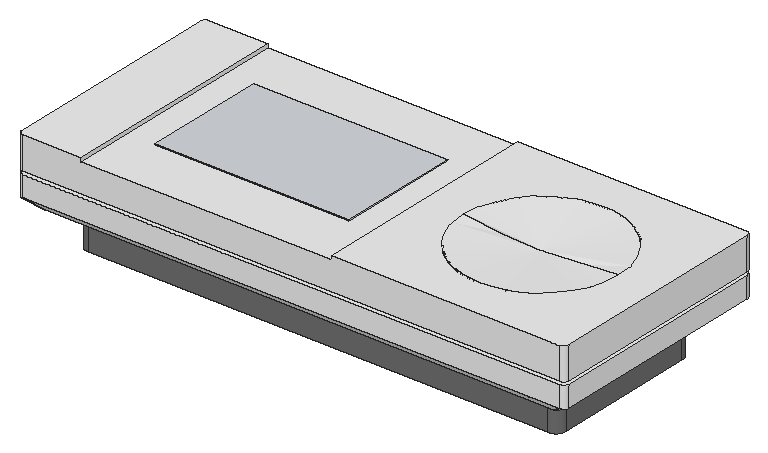
Revit family "TPOne-M_B_FR_RFA", category Data Devices, host Face, Revit 2017
Family settings
  Host = Face
  Maintain Annotation Orientation = Yes
  Round Connector Dimension = Use Diameter
  Part Type = Normal
  Cut with Voids When Loaded = No
  Shared = No
  Room Calculation Point = No
Parameters (values of type "TPOne-B_087N7851")
  W_2 = 77.5 mm
  W2_2 = 68 mm
  W1_2 = 73.5 mm
  URL = "https://assets.danfoss.com/documents/DOC195786403204/DOC195786403204.pdf"
  Switch Rating Channel 1 = "3A at 230Vac"
  Setting Temperature Range = "5-35 C"  # constant formula
  RX1-S = no
  Power Supply RT = "2.5-3VDC (2x AA Alkaline Batteries)"
  Output Channel 2 = "-"
  Output Channel 1 = "Volt free, SPDT type 1B"
  Operating Temperature Range = "0-45 C"  # constant formula
  Operating Frequency = "-"
  Model Type = "Programmable Thermostat"
  Model = "087N7851"
  Maximum Range = "-"
  Manufacturer = "Danfoss"  # constant formula
  IfcExportType = "Controller"  # constant formula
  IfcExportAs = "IfcElectricApplianceType"  # constant formula
  IP Rating = "IP20"  # constant formula
  H_2 = 33 mm
  H2_2 = 23.5 mm
  H1_2 = 30 mm
  Description = "TPOne-B"
  Default Elevation = 1219.2 mm
  Da = 1 mm
  D2 = 11 mm
  D1b = 3 mm
  D1a = 6 mm
  D-All = D - Da - D1a - D1b - D2  # 9 mm
  D = 30 mm
Types (4, lengths in mm): name | Switch Rating Channel 1 | RX1-S | Power Supply RT | Output Channel 2 | Output Channel 1 | Operating Frequency | Model Type | Model | Maximum Range | Description
  (no name) | "3A at 230Vac" | no | "2.5-3VDC (2x AA Alkaline Batteries)" | "-" | "Volt free, SPDT type 1B" | "-" | "Programmable Thermostat" | "087N7851" | "-" | "TPOne-B"
  TPOne-B_087N7851 | "3A at 230Vac" | no | "2.5-3VDC (2x AA Alkaline Batteries)" | "-" | "Volt free, SPDT type 1B" | "-" | "Programmable Thermostat" | "087N7851" | "-" | "TPOne-B"
  TPOne-M_087N7852 | "3A at 230Vac" | no | "230 Vac, 50/60Hz" | "3A at 230Vac" | "Volt free, SPDT type 1B" | "-" | "Programmable Thermostat" | "087N7852" | "-" | "TPOne-M"
  TPOne-RF + RX1-S_087N7854 | "3A at 230Vac (RX1-S)" | yes | "2.5-3VDC (2x AA Alkaline Batteries)" | "-" | "Volt free, SPDT type 1B (RX1-S)" | "43.92 Mhz" | "RF Programmable Thermostat" | "087N7854" | "30 m" | "TPOne-RF + RX1-S"
Reference planes
  plane 1 "Center (Front/Back)": y = 0
  plane 2: z = 0
  plane 3 "Center (Left/Right)": x = 0
  plane 4: y = 23.5
  plane 5: y = -23.5
  plane 6: x = -73.5
  plane 7: x = 73.5
  plane 8 "1": z = 11
  plane 9 "2": z = 14
  plane 10 "3": z = 20
  plane 11 "4": z = 21
  plane 12 "5": z = 30
  plane 13: y = 30
  plane 14: y = -30
  plane 15: y = 33
  plane 16: y = -33
  plane 17: x = -68
  plane 18: x = 68
  plane 19: x = 77.5
  plane 20: x = -77.5
  plane 21: x = 11.5
  plane 22: x = -59.5
  plane 23: x = 44.5
Forms (mm)
  Extrusion 1, solid, material "Plastic - Danfoss - Dark Gray"
    sketch origin (0, 0, 0) x (1, 0, 0) y (0, 1, 0)
      loop
        arc (-65, 23.5) -> (-67.121, 22.621) -> (-68, 20.5) r 3
        line (-68, 20.5) -> (-68, -20.5)
        arc (-68, -20.5) -> (-67.121, -22.621) -> (-65, -23.5) r 3
        line (-65, -23.5) -> (65, -23.5)
        arc (65, -23.5) -> (67.121, -22.621) -> (68, -20.5) r 3
        line (68, -20.5) -> (68, 20.5)
        arc (68, 20.5) -> (67.121, 22.621) -> (65, 23.5) r 3
        line (65, 23.5) -> (-65, 23.5)
    from 0 to 11 <- "D2"
  Blend 2, solid, material "Plastic - Danfoss - White"
    base sketch origin (0, 0, 11) x (-1, 0, 0) y (0, -1, 0)
      loop
        arc (72, -30) -> (73.061, -29.561) -> (73.5, -28.5) r 1.5
        line (73.5, -28.5) -> (73.5, 28.5)
        arc (73.5, 28.5) -> (73.061, 29.561) -> (72, 30) r 1.5
        line (72, 30) -> (-72, 30)
        arc (-72, 30) -> (-73.061, 29.561) -> (-73.5, 28.5) r 1.5
        line (-73.5, 28.5) -> (-73.5, -28.5)
        arc (-73.5, -28.5) -> (-73.061, -29.561) -> (-72, -30) r 1.5
        line (-72, -30) -> (72, -30)
    top sketch origin (0, 0, 11) x (-1, 0, 0) y (0, -1, 0)
      loop
        arc (76, -33) -> (77.061, -32.561) -> (77.5, -31.5) r 1.5
        line (77.5, -31.5) -> (77.5, 31.5)
        arc (77.5, 31.5) -> (77.061, 32.561) -> (76, 33) r 1.5
        line (76, 33) -> (-76, 33)
        arc (-76, 33) -> (-77.061, 32.561) -> (-77.5, 31.5) r 1.5
        line (-77.5, 31.5) -> (-77.5, -31.5)
        arc (-77.5, -31.5) -> (-77.061, -32.561) -> (-76, -33) r 1.5
        line (-76, -33) -> (76, -33)
    from 0 to 3 <- "D1b"
  Extrusion 3, solid, material "Plastic - Danfoss - White"
    sketch origin (0, 0, 14) x (-1, 0, 0) y (0, -1, 0)
      loop
        line (77.5, -31.5) -> (77.5, 31.5)
        arc (77.5, 31.5) -> (77.061, 32.561) -> (76, 33) r 1.5
        line (76, 33) -> (-76, 33)
        arc (-76, 33) -> (-77.061, 32.561) -> (-77.5, 31.5) r 1.5
        line (-77.5, 31.5) -> (-77.5, -31.5)
        arc (-77.5, -31.5) -> (-77.061, -32.561) -> (-76, -33) r 1.5
        line (-76, -33) -> (76, -33)
        arc (76, -33) -> (77.061, -32.561) -> (77.5, -31.5) r 1.5
    from 0 to 6 <- "D1a"
  Extrusion 4, solid, material "Plastic - Danfoss - White"
    sketch origin (0, 0, 20) x (-1, 0, 0) y (0, -1, 0)
      loop
        line (73.5, -30) -> (73.5, 30) -> (-73.5, 30) -> (-73.5, -30) -> (73.5, -30)
    from 0 to 1 <- "Da"
  Extrusion 5, solid, material "Plastic - Danfoss - White"
    sketch origin (0, 0, 21) x (-1, 0, 0) y (0, -1, 0)
      loop
        arc (76, -33) -> (77.061, -32.561) -> (77.5, -31.5) r 1.5
        line (77.5, -31.5) -> (77.5, 31.5)
        arc (77.5, 31.5) -> (77.061, 32.561) -> (76, 33) r 1.5
        line (76, 33) -> (-76, 33)
        arc (-76, 33) -> (-77.061, 32.561) -> (-77.5, 31.5) r 1.5
        line (-77.5, 31.5) -> (-77.5, -31.5)
        arc (-77.5, -31.5) -> (-77.061, -32.561) -> (-76, -33) r 1.5
        line (-76, -33) -> (76, -33)
    from 0 to 9 <- "D-All"
  Extrusion 6, void
    sketch origin (0, 0, 30) x (-1, 0, 0) y (0, -1, 0)
      loop
        line (59.5, -33) -> (59.5, 33) -> (-11.5, 33) -> (-11.5, -33) -> (59.5, -33)
    from -1 to 0
  Revolve 7, void
    sketch origin (0, 0, 0) x (1, 0, 0) y (0, 0, 1)
      loop
        line (44.5, 30) -> (22.477, 30)
        arc (22.477, 30) -> (33.46, 28.832) -> (44.5, 28.5) r 145.544
        line (44.5, 28.5) -> (44.5, 30)
      axis (44.5, 30) -> (44.5, 28.5)
    angle from 0 to 360
  Extrusion 8, solid
    sketch origin (0, 0, 30) x (-1, 0, 0) y (0, -1, 0)
      loop
        line (51.715, -18.341) -> (51.715, 16.659) -> (-3.285, 16.659) -> (-3.285, -18.341) -> (51.715, -18.341)
    from -3 to -0.9
Cuts and joins
  Extrusion 6 cuts Extrusion 4
  Extrusion 6, Revolve 7 cuts Extrusion 5
Dimensions and locks
  "W1_2": plane 6 to plane 3 "Center (Left/Right)" to plane 7
  "H2_2": plane 5 to plane 1 "Center (Front/Back)" to plane 4
  "D2": host face to plane 8 "1"
  "W_2": plane 20 to plane 3 "Center (Left/Right)" to plane 19
  "W2_2": plane 17 to plane 3 "Center (Left/Right)" to plane 18
  "H1_2": plane 14 to plane 1 "Center (Front/Back)" to plane 13
  "H_2": plane 16 to plane 1 "Center (Front/Back)" to plane 15
  "D1b": plane 8 "1" to plane 9 "2"
  "D1a": plane 9 "2" to plane 10 "3"
  "D": host face to plane 12 "5"
  "Da": plane 10 "3" to plane 11 "4"
  aligned and locked: plane 2 to host face
  aligned and locked: level to host face
Automatic sketch dimensions
  host sketch curve to host sketch curve = 692.485 mm
  host sketch curve to host sketch curve = 597.034 mm
  Extrusion 1 sketch curve to plane 17 = 0 mm
  plane 5 to Extrusion 1 sketch curve = 0 mm
  plane 4 to Extrusion 1 sketch curve = 0 mm
  Extrusion 1 sketch curve to plane 18 = 0 mm
  plane 17 to Extrusion 1 sketch curve = 3 mm  (x2)
  Extrusion 1 sketch curve to Extrusion 1 sketch curve = 3 mm
  Extrusion 1 sketch curve to plane 18 = 3 mm
  Blend 2 sketch curve to plane 19 = 0 mm
  plane 16 to Blend 2 sketch curve = 0 mm
  plane 15 to Blend 2 sketch curve = 0 mm
  Blend 2 sketch curve to plane 20 = 0 mm
  Blend 2 sketch curve to plane 19 = 1.5 mm
  Blend 2 sketch curve to Blend 2 sketch curve = 1.5 mm  (x2)
  Blend 2 sketch curve to plane 13 = 1.5 mm
  Blend 2 sketch curve to plane 7 = 0 mm
  plane 14 to Blend 2 sketch curve = 0 mm
  plane 13 to Blend 2 sketch curve = 0 mm
  Blend 2 sketch curve to plane 6 = 0 mm
  Blend 2 sketch curve to plane 7 = 1.5 mm  (x2)
  plane 6 to Blend 2 sketch curve = 1.5 mm  (x2)
  plane 16 to Extrusion 3 sketch curve = 0 mm
  Extrusion 3 sketch curve to plane 20 = 0 mm
  plane 14 to Extrusion 3 sketch curve = 1.5 mm
  Extrusion 3 sketch curve to plane 13 = 1.5 mm  (x2)
  Extrusion 3 sketch curve to plane 19 = 1.5 mm
  Extrusion 3 sketch curve to plane 19 = 0 mm
  plane 15 to Extrusion 3 sketch curve = 0 mm
  Extrusion 4 sketch curve to plane 7 = 0 mm
  Extrusion 4 sketch curve to plane 6 = 0 mm
  plane 13 to Extrusion 4 sketch curve = 0 mm
  plane 14 to Extrusion 4 sketch curve = 0 mm
  plane 15 to Extrusion 5 sketch curve = 0 mm
  Extrusion 5 sketch curve to plane 20 = 0 mm
  plane 20 to Extrusion 5 sketch curve = 1.5 mm
  plane 14 to Extrusion 5 sketch curve = 1.5 mm
  plane 16 to Extrusion 5 sketch curve = 0 mm
  Extrusion 5 sketch curve to plane 19 = 1.5 mm
  Extrusion 5 sketch curve to plane 19 = 0 mm
  Extrusion 5 sketch curve to plane 13 = 1.5 mm
  plane 15 to Extrusion 6 sketch curve = 0 mm
  Extrusion 6 sketch curve to plane 21 = 0 mm
  plane 16 to Extrusion 6 sketch curve = 0 mm
  Extrusion 6 sketch curve to plane 22 = 0 mm
  Revolve 7 sketch curve to plane 12 "5" = 0 mm
  Revolve 7 sketch curve to plane 23 = 0 mm  (x2)
  Revolve 7 sketch curve to plane 23 = 1.15 mm
  plane 21 to Revolve 7 sketch curve = 10.977 mm
  Revolve 7 sketch curve to Revolve 7 sketch curve = 1.5 mm
  Revolve 7 sketch curve to Revolve 7 sketch curve = 3.012 mm
  Revolve 7 sketch curve to Revolve 7 sketch curve = 2.054 mm
  plane 3 "Center (Left/Right)" to Extrusion 8 sketch curve = 3.285 mm
  plane 22 to Extrusion 8 sketch curve = 7.785 mm
  plane 4 to Extrusion 8 sketch curve = 5.159 mm
  Extrusion 8 sketch curve to plane 5 = 6.841 mm
Nested families
  nested 1: "RX1-S_RFA" at (145, 0, 0), visible <- "RX1-S", type "RX1-S"
Definition of nested family "RX1-S_RFA"
  Parameters (values of type "RX1-S")
    W6 = W - W2 - W3 - W4 - W5  # 1 mm
    W5 = 15.5 mm
    W4 = 1.5 mm
    W3 = 1 mm
    W2 = 10 mm
    W1 = 1 mm
    W = 29 mm
    URL = ""
    Type Comments = ""
    Switch Type = " 1 x SPDT Type 1B"  # constant formula
    Switch Rating = "3 A at 230 VAC"  # constant formula
    Setting Temperature Range = "5-35 C"  # constant formula
    Rated Impulse Voltage = "2.5 kV"  # constant formula
    R1 = 6 mm
    Power Supply RT = "230 VAC"  # constant formula
    Output = "Volt Free"  # constant formula
    Operating Temperature Range = "0-40 C"  # constant formula
    Operating Frequency = "50/60 Hz"  # constant formula
    Model Type = "RF Receiver"  # constant formula
    Model = ""
    Maximum Range = "30 m"  # constant formula
    Manufacturer = "Danfoss"  # constant formula
    L_2 = 42 mm
    L1_2 = 40.5 mm
    IfcExportType = "Controller"  # constant formula
    IfcExportAs = "IfcElectricApplianceType"  # constant formula
    IP Rating = "IP30"  # constant formula
    H_2 = 42 mm
    H1_2 = 40.5 mm
    Description = "RX1-S"  # constant formula
    Default Elevation = 1500 mm
    R2 = 180 mm
    Control Polution Situation = "Degree 2"  # constant formula
    Button_L2 = 21 mm
    Button_L1 = 17 mm
    Button_H = 20 mm
    Ball Pressure Test = "75 C"  # constant formula
  Reference planes
    plane 1 "Center (Front/Back)": y = 0
    plane 2: z = 0
    plane 3 "Center (Left/Right)": x = 0
    plane 4: y = 42
    plane 5: y = -42
    plane 6: x = -42
    plane 7: x = 42
    plane 8 "W1": z = 29
    plane 9: through (-201.483, -201.999, 1219.2) normal (0.7071, -0.7071, 0)
    plane 10: through (-501.483, 500.967, 1219.2) normal (0.7071, 0.7071, 0)
    plane 11 "W5": z = 1
    plane 12 "W4": z = 16.5
    plane 13 "W3": z = 18
    plane 14 "W2": z = 19
    plane 15: x = -40.5
    plane 16: x = 40.5
    plane 17: y = 40.5
    plane 18: y = -40.5
    plane 19: z = 25.8
    plane 20: x = -4
    plane 21: y = -22
    plane 22: x = -25
  Forms (mm)
    Extrusion 1, solid, detail levels fine
      sketch origin (819.2, -779.2, 0) x (1, 0, 0) y (0, 1, 0)
        loop
          line (-1320.683, 1280.167) -> (-1320.683, 280.167) -> (-320.683, 280.167) -> (-320.683, 1280.167) -> (-1320.683, 1280.167)
      from 0 to -300
    Extrusion 2, solid
      sketch origin (0, 0, 0) x (1, 0, 0) y (0, 1, 0)
        loop
          line (-40.5, 40.5) -> (-40.5, -40.5) -> (40.5, -40.5) -> (40.5, 40.5) -> (-40.5, 40.5)
      from 0 to 1 <- "W6"
    Blend 3, solid
      base sketch origin (0, 0, 1) x (-1, 0, 0) y (0, -1, 0)
        loop
          line (40.5, -40.5) -> (40.5, 40.5) -> (-40.5, 40.5) -> (-40.5, -40.5) -> (40.5, -40.5)
      top sketch origin (0, 0, 1) x (-1, 0, 0) y (0, -1, 0)
        loop
          line (42, -42) -> (42, 42) -> (-42, 42) -> (-42, -42) -> (42, -42)
      from 0 to 15.5 <- "W5"
    Extrusion 4, solid
      sketch origin (0, 0, 16.5) x (-1, 0, 0) y (0, -1, 0)
        loop
          line (42, -42) -> (42, 42) -> (-42, 42) -> (-42, -42) -> (42, -42)
      from 0 to 1.5 <- "W4"
    Extrusion 5, solid
      sketch origin (0, 0, 18) x (-1, 0, 0) y (0, -1, 0)
        loop
          line (41, -41) -> (41, 41) -> (-41, 41) -> (-41, -41) -> (41, -41)
      from 0 to 1 <- "W3"
    Extrusion 6, solid
      sketch origin (0, 0, 19) x (-1, 0, 0) y (0, -1, 0)
        loop
          line (42, -42) -> (42, 42) -> (-42, 42) -> (-42, -42) -> (42, -42)
      from 0 to 10 <- "W2"
    Extrusion 7, void
      sketch origin (0, 0, 29) x (0, -1, 0) y (-1, 0, 0)
        loop
          arc (-42, -32.848) -> (0.021, -37.562) -> (42, -32.484) r 182.594
          line (42, -32.484) -> (42, -31.453)
          arc (42, -31.453) -> (0.021, -36.56) -> (-42, -31.819) r 181.592
          line (-42, -31.819) -> (-42, -32.848)
      from 0 to 1 <- "W3"
    Extrusion 8, solid
      sketch origin (0, 0, 29) x (-1, 0, 0) y (0, -1, 0)
        loop
          circle (25, 22) r 6
        loop
          circle (25, 22) r 4
        loop
          circle (4, 22) r 6
        loop
          circle (4, 22) r 4
      from 0 to 1 <- "W1"
  Cuts and joins
    Extrusion 7 cuts Extrusion 5
    Extrusion 7 cuts Extrusion 6
  Dimensions and locks
    "H_2": plane 5 to plane 1 "Center (Front/Back)" to plane 4
    "L_2": plane 6 to plane 3 "Center (Left/Right)" to plane 7
    "W": plane 8 "W1" to level
    "W5": plane 12 "W4" to plane 11 "W5"
    "W4": plane 13 "W3" to plane 12 "W4"
    "W3": plane 14 "W2" to plane 13 "W3"
    "W6": plane 11 "W5" to level
    "L1_2": plane 15 to plane 3 "Center (Left/Right)" to plane 16
    "H1_2": plane 18 to plane 1 "Center (Front/Back)" to plane 17
    Extrusion 4 to Extrusion 5 sketch curve = 1 mm  (x3)
    Extrusion 5 sketch curve to Extrusion 4 = 1 mm
    plane 19 to plane 8 "W1" = 3.2 mm
    "Button_H": plane 5 to plane 21
    "Button_L1": plane 6 to plane 22
    "Button_L2": plane 22 to plane 20
    "R1": radius of Extrusion 8 sketch curve  (x2)
    radius of Extrusion 8 sketch curve = 4 mm  (x2)
    aligned and locked: plane 2 to Extrusion 1
    aligned and locked: level to Extrusion 1
    aligned and locked: Extrusion 2 sketch curve to plane 17
    aligned and locked: Extrusion 2 sketch curve to plane 15
    aligned and locked: plane 18 to Extrusion 2 sketch curve
    aligned and locked: plane 16 to Extrusion 2 sketch curve
    aligned and locked: Blend 3 sketch curve to Extrusion 2  (x4)
    aligned and locked: Blend 3 sketch curve to plane 4
    aligned and locked: Blend 3 sketch curve to plane 6
    aligned and locked: plane 5 to Blend 3 sketch curve
    aligned and locked: plane 7 to Blend 3 sketch curve
    aligned and locked: Extrusion 4 sketch curve to Blend 3  (x4)
    aligned and locked: Extrusion 6 sketch curve to Blend 3  (x4)
    aligned and locked: Extrusion 6 to Extrusion 7 sketch curve  (x2)
  Automatic sketch dimensions
    Extrusion 1 sketch curve to Extrusion 1 sketch curve = 1000 mm  (x2)
    Extrusion 7 sketch curve to Extrusion 7 sketch curve = 0 mm  (x2)
    Extrusion 7 sketch curve to Extrusion 6 = 42.77 mm
    Extrusion 6 to Extrusion 7 sketch curve = 103.03 mm
    Extrusion 7 sketch curve to Extrusion 6 = 10.181 mm
    Extrusion 7 sketch curve to Extrusion 7 sketch curve = 1.029 mm
    Extrusion 8 sketch curve to Extrusion 8 sketch curve = 0 mm  (x4)
    Extrusion 8 sketch curve to plane 20 = 0 mm
    plane 21 to Extrusion 8 sketch curve = 0 mm  (x2)
    Extrusion 8 sketch curve to plane 22 = 0 mm
